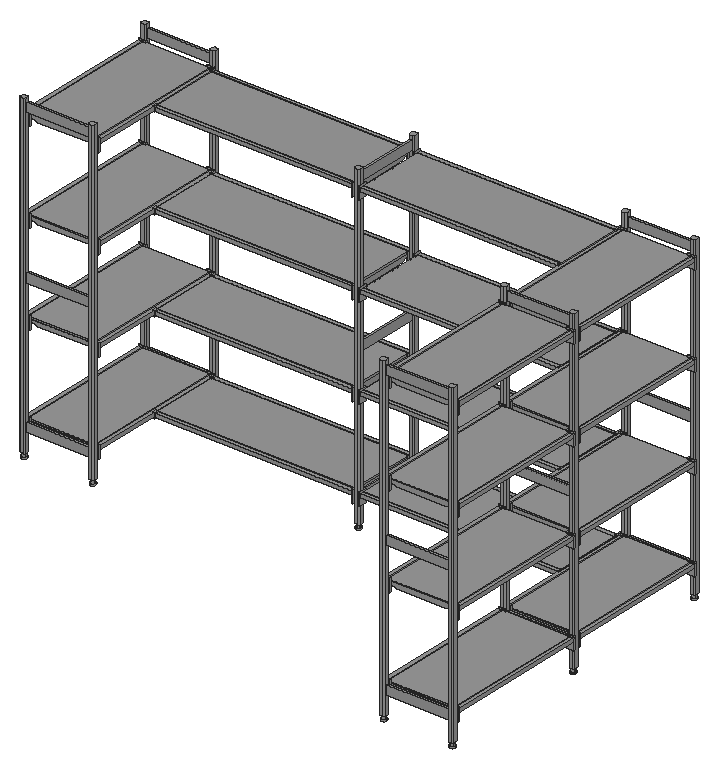
Revit family "QF_ELECTROLUXPROFESSIONAL_137094_CRS1628", category Attrezzature speciali, Revit 2020
Family settings
  Quota connettore circolare = Usa diametro
  Tipo di parte = Normale
  Basato su piano di lavoro = No
  Sempre verticale = Sì
  Taglio con vuoti quando caricato = No
  Condiviso = No
  Punto di calcolo locali = No
Parameters (values of type "Standard")
  Weight = 73.00 kg
  Watts = 0 W
  Volts = 0 V
  URL Manufacturer = "https://www.electroluxprofessional.com/"
  URL = "https://www.electroluxprofessional.com/"
  Steam Supply Size = 0 mm
  Steam Supply Minimum Pressure = 0.0 Pa
  Steam Supply Maximum Pressure = 0.0 Pa
  Steam Consumption per Hour = 0
  Refrigeration Suction Line Size = 0 mm
  Refrigeration Liquid Line Size = 0 mm
  Refrigerant Compressor Remote = yes
  Prospetto di default = 0 mm
  Produttore = "Electrolux Professional"
  Phase = 0
  Modello = "CRS1628"
  Length Actual = 708 mm  # constant formula
  Item Number = "137094"
  Hot Water Size = 0 mm
  Height Actual = 1550 mm  # constant formula
  HP = "0 HP"
  Gas Size = 0 mm
  Gas KW = 0
  Gas Input Pressure = 0 W
  Direct Waste Size = 0 mm
  Descrizione = "ALUM.SHELV.,POLY.TIERS-COLDROOM 163X283"
  Depth Actual = 373 mm  # constant formula
  Cycle = 0 Hz
  Condensate Return Size = 0 mm
  Compressed Air Volume = 0.0 L/s
  Compressed Air Size = 0 mm
  Compressed Air Pressure = 0.0 Pa
  Cold Water Size = 0 mm
  Accessory = yes
Reference planes
  plane 1 "Center (Front/Back)": y = 0
  plane 2: z = 0
  plane 3 "Center (Left/Right)": x = 0
  plane 4: x = -1415
  plane 5: y = 815
  plane 6: y = -815
  plane 7: x = 1415
  plane 8: x = -1369
  plane 9: x = 1369
  plane 10: y = 758
  plane 11: y = -758
Forms (mm)
  Extrusion 1, solid, material "QF_Clearances", detail levels coarse
    sketch origin (0, 0, 0) x (1, 0, 0) y (0, 1, 0)
      loop
        line (-1415, -815) -> (1415, -815) -> (1415, 815) -> (-1415, 815) -> (-1415, -815)
      loop
        line (1369, -758) -> (1369, 758) -> (-1369, 758) -> (-1369, -758) -> (1369, -758)
    from 0 to 1590
Lines and regions (mm)
  symbolic lines, style "QF_Clearances"
    curve 1: line (-1415, 815, 0) -> (-1415, -815, 0)
    curve 2: line (1415, 815, 0) -> (-1415, 815, 0)
    curve 3: line (1415, -815, 0) -> (1415, 815, 0)
  symbolic lines
    curve 4: line (-1413.483, -55, 0) -> (-1415, -55, 0)
Dimensions and locks
  equal spacing: plane 5, plane 1 "Center (Front/Back)", plane 6
  plane 5 to plane 6 = 1630 mm
  equal spacing: plane 4, plane 3 "Center (Left/Right)", plane 7
  plane 4 to plane 7 = 2830 mm
  plane 4 to plane 8 = 46 mm
  plane 8 to plane 9 = 2738 mm
  plane 11 to plane 6 = 57 mm
  plane 10 to plane 11 = 1516 mm
  Extrusion 1 to nested 5 = 57 mm
  nested 1 to nested 5 = 772 mm
  nested 1 to curve 4 = 41 mm
  aligned and locked: level to plane 2
  aligned and locked: plane 4 to Extrusion 1 sketch curve
  aligned and locked: Extrusion 1 sketch curve to plane 5
  aligned and locked: Extrusion 1 sketch curve to plane 7
  aligned and locked: Extrusion 1 sketch curve to plane 8
  aligned and locked: Extrusion 1 sketch curve to plane 10
  aligned and locked: plane 9 to Extrusion 1 sketch curve
  aligned and locked: Extrusion 1 sketch curve to plane 11
  aligned and locked: Extrusion 1 sketch curve to plane 6
Automatic sketch dimensions
  curve 1 to plane 4 = 0 mm
  plane 5 to curve 3 = 0 mm
  curve 3 to plane 7 = 0 mm
  curve 1 to plane 6 = 0 mm
  plane 6 to curve 3 = 0 mm
  curve 4 to curve 4 = 1.517 mm
Nested families
  nested 1: "QF_708" at (-1346, 403, 0) x (0, 1, 0) z (0, 0, 1), type "QF_708"
  nested 2: "QF_708" at (1019, 403, 0) x (0, 1, 0) z (0, 0, 1), type "QF_708"
  nested 3: "QF_708" at (1019, -341, 0) x (0, 1, 0) z (0, 0, 1), type "QF_708"
  nested 4: "QF_974G" at (535.5, 506.5, 0) x (0, -1, 0) z (0, 0, 1), type "QF_974G"
  nested 5: "QF_974G" at (-535.5, 506.5, 0) x (0, -1, 0) z (0, 0, 1), type "QF_974G"
Definition of nested family "QF_708"
  Parameters
    Default Elevation = 0 mm
    Model = "137010"
    Manufacturer = "Electrolux Professional"
    Description = ""
  Reference planes
    plane 1: z = 0
    plane 2 "Center (Left/Right)": x = -31
    plane 3 "LEFT": x = -417
    plane 4 "RIGHT": x = 355
    plane 5 "BACK": y = 23
    plane 6 "FRONT": y = -350
    plane 7 "TOP": z = 1700
    plane 8: x = 350
    plane 9: x = -385
    plane 10: x = 323
    plane 11 "Center (Front/Back)": y = -163.5
    plane 12: x = 318
    plane 13: y = -8.5
    plane 14: y = -318.5
    plane 15 "FEET": z = 25
    plane 16: z = 140
    plane 17: z = 590
    plane 18: z = 1040
    plane 19: z = 1490
    plane 20 "CXLeft": x = -403
    plane 21 "CXRight": x = 341
    plane 22: y = 5.5
    plane 23 "CYBack": y = 5.5
    plane 24 "CYFront": y = -332.5
  Forms (mm)
    Extrusion 1, solid
      sketch origin (-417, 0, 0) x (0, 1, 0) y (0, 0, 1)
        loop
          line (4, 1515.994) -> (4, 1497.998) -> (23, 1497.998) -> (23, 1515.994) -> (4, 1515.994)
        loop
          line (-331, 1515.994) -> (-350, 1515.994) -> (-350, 1497.998) -> (-331, 1497.998) -> (-331, 1515.994)
        loop
          line (4, 1065.994) -> (4, 1047.998) -> (23, 1047.998) -> (23, 1065.994) -> (4, 1065.994)
        loop
          line (-331, 1065.994) -> (-350, 1065.994) -> (-350, 1047.998) -> (-331, 1047.998) -> (-331, 1065.994)
        loop
          line (4, 615.994) -> (4, 597.998) -> (23, 597.998) -> (23, 615.994) -> (4, 615.994)
        loop
          line (-331, 615.994) -> (-350, 615.994) -> (-350, 597.998) -> (-331, 597.998) -> (-331, 615.994)
        loop
          line (4, 165.994) -> (4, 147.998) -> (23, 147.998) -> (23, 165.994) -> (4, 165.994)
        loop
          line (-331, 165.994) -> (-350, 165.994) -> (-350, 147.998) -> (-331, 147.998) -> (-331, 165.994)
      from 32 to 740
    Extrusion 2, solid
      sketch origin (-417, 0, 135) x (0, 1, 0) y (0, 0, 1)
        loop
          line (2.007, 1380.994) -> (-329, 1380.994) -> (-329, 1374.496) -> (2.007, 1374.496) -> (2.007, 1380.994)
        loop
          line (2.007, 930.994) -> (-329, 930.994) -> (-329, 924.496) -> (2.007, 924.496) -> (2.007, 930.994)
        loop
          line (2.007, 480.994) -> (-329, 480.994) -> (-329, 474.496) -> (2.007, 474.496) -> (2.007, 480.994)
        loop
          line (2.007, 30.994) -> (-329, 30.994) -> (-329, 24.496) -> (2.007, 24.496) -> (2.007, 30.994)
      from 32 to 740
    Extrusion 3, solid
      sketch origin (355, 0, 135) x (0, 1, 0) y (0, 0, 1)
        loop
          line (-12, 1362.998) -> (4, 1362.998) -> (4, 1380.994) -> (2.007, 1380.994) -> (2.007, 1374.496) -> (-329, 1374.496) -> (-329, 1380.994) -> (-331, 1380.994) -> (-331, 1362.998) -> (-315, 1362.998) -> (-281, 1350.994) -> (-46, 1350.994) -> (-12, 1362.998)
        loop
          line (-12, 912.998) -> (4, 912.998) -> (4, 930.994) -> (2.007, 930.994) -> (2.007, 924.496) -> (-329, 924.496) -> (-329, 930.994) -> (-331, 930.994) -> (-331, 912.998) -> (-315, 912.998) -> (-281, 900.994) -> (-46, 900.994) -> (-12, 912.998)
        loop
          line (-12, 462.998) -> (4, 462.998) -> (4, 480.994) -> (2.007, 480.994) -> (2.007, 474.496) -> (-329, 474.496) -> (-329, 480.994) -> (-331, 480.994) -> (-331, 462.998) -> (-315, 462.998) -> (-281, 450.994) -> (-46, 450.994) -> (-12, 462.998)
        loop
          line (-12, 12.998) -> (4, 12.998) -> (4, 30.994) -> (2.007, 30.994) -> (2.007, 24.496) -> (-329, 24.496) -> (-329, 30.994) -> (-331, 30.994) -> (-331, 12.998) -> (-315, 12.998) -> (-281, 0.994) -> (-46, 0.994) -> (-12, 12.998)
      from -32 to -37
  Lines and regions (mm)
    symbolic lines
      curve 1: line (323, 4, 1700) -> (-385, 4, 1700)
      curve 2: line (-389, 23, 1700) -> (327, 23, 1700)
      curve 3: line (327, 13.246, 1700) -> (333.254, 19.5, 1700)
      curve 4: line (333.254, -8.5, 1700) -> (327, -2.246, 1700)
      curve 5: line (333.254, -318.5, 1700) -> (327, -324.754, 1700)
      curve 6: line (-389, -350, 1700) -> (327, -350, 1700)
      curve 7: line (327, 23, 1700) -> (327, -12.993, 1700)
      curve 8: line (327, -12.993, 1700) -> (323, -12.993, 1700)
      curve 9: line (327, -350, 1700) -> (327, -314.007, 1700)
      curve 10: line (327, -314.007, 1700) -> (323, -314.007, 1700)
      curve 11: line (-385, -12.993, 1700) -> (-385, -314.007, 1700)
      curve 12: line (-385, -331, 1700) -> (323, -331, 1700)
      curve 13: line (323, -12.993, 1700) -> (323, -314.007, 1700)
  Dimensions and locks
    locked: plane 3 "LEFT" to plane 4 "RIGHT" at 772
    equal spacing: plane 3 "LEFT", plane 2 "Center (Left/Right)", plane 4 "RIGHT"
    locked: plane 7 "TOP" to level at 1700
    locked: plane 5 "BACK" to plane 6 "FRONT" at 373
    locked: plane 4 "RIGHT" to plane 8 at 5
    locked: plane 9 to plane 10 at 708
    locked: plane 3 "LEFT" to plane 9 at 32
    plane 12 to plane 10 = 5 mm
    locked: plane 13 to plane 14 at 310
    equal spacing: plane 13, plane 11 "Center (Front/Back)", plane 14
    equal spacing: plane 5 "BACK", plane 11 "Center (Front/Back)", plane 6 "FRONT"
    plane 15 "FEET" to level = 25 mm
    plane 7 "TOP" to plane 15 "FEET" = 1675 mm
    plane 17 to plane 16 = 450 mm
    plane 18 to plane 17 = 450 mm
    plane 19 to plane 18 = 450 mm
    locked: plane 3 "LEFT" to plane 20 "CXLeft" at 14
    locked: plane 21 "CXRight" to plane 4 "RIGHT" at 14
    locked: plane 5 "BACK" to plane 23 "CYBack" at 17.5
    locked: plane 24 "CYFront" to plane 6 "FRONT" at 17.5
    plane 16 to level = 140 mm
    plane 17 to level = 590 mm
    plane 18 to level = 1040 mm
    plane 19 to level = 1490 mm
    aligned and locked: level to plane 1
    aligned and locked: plane 9 to Extrusion 2
    aligned and locked: Extrusion 2 to plane 10
    aligned and locked: plane 9 to Extrusion 1
    aligned and locked: Extrusion 1 to plane 10
    aligned and locked: Extrusion 1 sketch curve to Extrusion 1 sketch curve  (x2)
    aligned and locked: Extrusion 3 sketch curve to Extrusion 3 sketch curve  (x3)
    aligned and locked: Extrusion 3 to plane 12
    aligned and locked: Extrusion 3 to plane 10
    aligned and locked: plane 20 "CXLeft" to nested 1
    aligned and locked: plane 21 "CXRight" to nested 2
  Automatic sketch dimensions
    Extrusion 1 sketch curve to plane 6 "FRONT" = 0 mm  (x4)
    Extrusion 1 sketch curve to plane 5 "BACK" = 0 mm  (x4)
    plane 24 "CYFront" to Extrusion 1 sketch curve = 1.5 mm  (x2)
    plane 22 to Extrusion 1 sketch curve = 1.5 mm  (x4)
    plane 16 to Extrusion 1 sketch curve = 7.998 mm  (x2)
    Extrusion 1 sketch curve to Extrusion 1 sketch curve = 17.997 mm  (x8)
    plane 17 to Extrusion 1 sketch curve = 7.998 mm  (x2)
    plane 18 to Extrusion 1 sketch curve = 7.998 mm  (x2)
    plane 19 to Extrusion 1 sketch curve = 7.998 mm  (x2)
    plane 24 "CYFront" to Extrusion 2 sketch curve = 3.5 mm  (x4)
    plane 22 to Extrusion 2 sketch curve = 3.493 mm  (x4)
    plane 16 to Extrusion 2 sketch curve = 19.496 mm
    Extrusion 2 sketch curve to Extrusion 2 sketch curve = 6.499 mm  (x4)
    plane 17 to Extrusion 2 sketch curve = 19.496 mm
    plane 18 to Extrusion 2 sketch curve = 19.496 mm
    plane 19 to Extrusion 2 sketch curve = 19.496 mm
    plane 24 "CYFront" to Extrusion 3 sketch curve = 1.5 mm  (x4)
    Extrusion 3 sketch curve to Extrusion 3 sketch curve = 2 mm
    plane 14 to Extrusion 3 sketch curve = 3.5 mm  (x4)
    Extrusion 3 sketch curve to plane 16 = 4.006 mm
    Extrusion 3 sketch curve to Extrusion 3 sketch curve = 34 mm  (x4)
    Extrusion 3 sketch curve to plane 17 = 4.006 mm
    Extrusion 3 sketch curve to plane 18 = 4.006 mm
    Extrusion 3 sketch curve to plane 19 = 4.006 mm
    Extrusion 3 sketch curve to plane 13 = 37.5 mm  (x4)
    Extrusion 3 sketch curve to plane 13 = 3.5 mm  (x4)
    plane 22 to Extrusion 3 sketch curve = 3.493 mm  (x4)
    plane 22 to Extrusion 3 sketch curve = 1.5 mm  (x4)
    plane 16 to Extrusion 3 sketch curve = 7.998 mm  (x2)
    Extrusion 3 sketch curve to Extrusion 3 sketch curve = 11.498 mm  (x4)
    Extrusion 3 sketch curve to Extrusion 3 sketch curve = 6.499 mm  (x8)
    plane 17 to Extrusion 3 sketch curve = 7.998 mm  (x2)
    plane 18 to Extrusion 3 sketch curve = 7.998 mm  (x2)
    plane 19 to Extrusion 3 sketch curve = 7.998 mm  (x2)
    curve 6 to plane 6 "FRONT" = 0 mm
    curve 12 to plane 9 = 0 mm
    curve 12 to plane 10 = 0 mm
    curve 5 to plane 14 = 0 mm
    curve 11 to plane 9 = 0 mm
    curve 8 to plane 10 = 0 mm
    curve 4 to plane 13 = 0 mm
    curve 1 to plane 9 = 0 mm
    curve 1 to plane 10 = 0 mm
    curve 2 to plane 5 "BACK" = 0 mm
    plane 14 to curve 10 = 4.493 mm
    curve 7 to plane 13 = 4.493 mm
    curve 10 to plane 10 = 4 mm
    curve 7 to plane 10 = 4 mm
    plane 24 "CYFront" to curve 12 = 1.5 mm
    curve 5 to plane 14 = 6.254 mm
    plane 14 to curve 11 = 4.493 mm
    curve 11 to plane 13 = 4.493 mm
    plane 13 to curve 4 = 6.254 mm
    plane 22 to curve 1 = 1.5 mm
    curve 3 to plane 22 = 7.746 mm
    curve 3 to plane 5 "BACK" = 3.5 mm
    curve 5 to curve 9 = 6.254 mm
    curve 3 to curve 2 = 6.254 mm
    curve 4 to curve 7 = 6.254 mm
    plane 9 to curve 2 = 4 mm
    plane 9 to curve 6 = 4 mm
  Nested families
    nested 1: "WT_Anta373B" at (0, 0, 0), type "WT_Anta373B"
    nested 2: "WT_Anta373B" at (-62, 0, 0) x (-1, 0, 0) z (0, 0, 1), type "WT_Anta373B"
  Definition of nested family "WT_Anta373B"
    Parameters
      WidthLeft = A + 64 mm  # 772 mm
      Width = 1606 mm
      Right = WidthLeft / 2  # 386 mm
      Default Elevation = 0 mm
      Left = -WidthLeft / 2  # -386 mm
      Height = 1590 mm
      FEET = 25 mm
      E = 0 mm
      Dint = Depth - 63 mm  # 310 mm
      Dext = Depth - 8 mm  # 365 mm
      Depth = 373 mm
      DX = (WidthLeft - A) / 2  # 32 mm
      B = 798 mm
      A = 708 mm
    Reference planes
      plane 1: z = 0
      plane 2 "LEFT": x = -417
      plane 3 "BACK": y = 23
      plane 4 "FRONT": y = -350
      plane 5 "TOP": z = 1590
      plane 6 "Center (Front/Back)": y = -163.5
      plane 7: y = -8.5
      plane 8: y = -318.5
      plane 9 "FEET": z = 25
      plane 10: z = 140
      plane 11: z = 590
      plane 12: z = 1040
      plane 13: z = 1490
      plane 14 "CXLeft": x = -403
      plane 15: y = 5.5
      plane 16 "CYBack": y = 5.5
      plane 17 "CYFront": y = -332.5
      plane 18: x = -385.031
      plane 19: x = -380.031
    Forms (mm)
      Extrusion 1, solid
        sketch origin (0, 0, 0) x (1, 0, 0) y (0, 1, 0)
          loop
            line (-417, 13.246) -> (-417, -2.246) -> (-410.746, -8.5) -> (-395.254, -8.5) -> (-389, -2.246) -> (-389, 13.246) -> (-395.254, 19.5) -> (-410.746, 19.5) -> (-417, 13.246)
        from 1590 to 25
      Extrusion 2, solid
        sketch origin (-417, 0, 0) x (0, 1, 0) y (0, 0, 1)
          loop
            line (23, 111.005) -> (23, 172.993) -> (-12.993, 172.993) -> (-12.993, 111.005) -> (23, 111.005)
          loop
            line (-350, 111.005) -> (-314.007, 111.005) -> (-314.007, 172.993) -> (-350, 172.993) -> (-350, 111.005)
          loop
            line (23, 561.005) -> (23, 622.993) -> (-12.993, 622.993) -> (-12.993, 561.005) -> (23, 561.005)
          loop
            line (-350, 561.005) -> (-314.007, 561.005) -> (-314.007, 622.993) -> (-350, 622.993) -> (-350, 561.005)
          loop
            line (23, 1011.005) -> (23, 1072.993) -> (-12.993, 1072.993) -> (-12.993, 1011.005) -> (23, 1011.005)
          loop
            line (-350, 1011.005) -> (-314.007, 1011.005) -> (-314.007, 1072.993) -> (-350, 1072.993) -> (-350, 1011.005)
          loop
            line (23, 1461.005) -> (23, 1522.993) -> (-12.993, 1522.993) -> (-12.993, 1461.005) -> (23, 1461.005)
          loop
            line (-350, 1461.005) -> (-314.007, 1461.005) -> (-314.007, 1522.993) -> (-350, 1522.993) -> (-350, 1461.005)
        from 28 to 32
      Revolve 3, solid
        sketch origin (-403, 0, 0) x (0, 1, 0) y (0, 0, 1)
          loop
            line (5.5, 25) -> (5.5, 0) -> (19, 0) -> (19, 5) -> (14, 5) -> (14, 25) -> (5.5, 25)
          axis (5.5, 25) -> (5.5, 0)
        angle from 0 to 360
      Extrusion 4, solid
        sketch origin (-403, 0, 0) x (0, 1, 0) y (0, 0, 1)
          loop
            line (-8.5, 777.382) -> (-8.5, 822.374) -> (-318.5, 822.374) -> (-318.5, 777.382) -> (-8.5, 777.382)
          loop
            line (-8.5, 1527.244) -> (-8.5, 1572.236) -> (-318.5, 1572.236) -> (-318.5, 1527.244) -> (-8.5, 1527.244)
        from -5 to 5
      Revolve 5, solid
        sketch origin (-403, -627, 0) x (0, -1, 0) y (0, 0, 1)
          loop
            line (-294.5, 25) -> (-294.5, 0) -> (-281, 0) -> (-281, 5) -> (-286, 5) -> (-286, 25) -> (-294.5, 25)
          axis (-294.5, 25) -> (-294.5, 0)
        angle from 0 to 360
      Extrusion 6, solid
        sketch origin (0, -627, 0) x (1, 0, 0) y (0, 1, 0)
          loop
            line (-417, 286.754) -> (-410.746, 280.5) -> (-395.254, 280.5) -> (-389, 286.754) -> (-389, 302.246) -> (-395.254, 308.5) -> (-410.746, 308.5) -> (-417, 302.246) -> (-417, 286.754)
        from 1590 to 25
      Extrusion 7, solid
        sketch origin (-417.031, -0.022, 0) x (0, 1, 0) y (0, 0, -1)
          loop
            line (-12, -1497.998) -> (-46, -1485.994) -> (-281, -1485.994) -> (-315, -1497.998) -> (-331, -1497.998) -> (-331, -1515.994) -> (-329, -1515.994) -> (-329, -1509.496) -> (2.007, -1509.496) -> (2.007, -1515.994) -> (4, -1515.994) -> (4, -1497.998) -> (-12, -1497.998)
          loop
            line (-12, -1047.998) -> (-46, -1035.994) -> (-281, -1035.994) -> (-315, -1047.998) -> (-331, -1047.998) -> (-331, -1065.994) -> (-329, -1065.994) -> (-329, -1059.496) -> (2.007, -1059.496) -> (2.007, -1065.994) -> (4, -1065.994) -> (4, -1047.998) -> (-12, -1047.998)
          loop
            line (-12, -597.998) -> (-46, -585.994) -> (-281, -585.994) -> (-315, -597.998) -> (-331, -597.998) -> (-331, -615.994) -> (-329, -615.994) -> (-329, -609.496) -> (2.007, -609.496) -> (2.007, -615.994) -> (4, -615.994) -> (4, -597.998) -> (-12, -597.998)
          loop
            line (-12, -147.998) -> (-46, -135.994) -> (-281, -135.994) -> (-315, -147.998) -> (-331, -147.998) -> (-331, -165.994) -> (-329, -165.994) -> (-329, -159.496) -> (2.007, -159.496) -> (2.007, -165.994) -> (4, -165.994) -> (4, -147.998) -> (-12, -147.998)
        from -32 to -37
      Extrusion 8, solid
        sketch origin (-403, 0, -659.878) x (0, 1, 0) y (0, 0, 1)
          loop
            line (-8.5, 777.382) -> (-8.5, 822.374) -> (-318.5, 822.374) -> (-318.5, 777.382) -> (-8.5, 777.382)
          loop
            line (-8.5, 1437.382) -> (-8.5, 1482.374) -> (-318.5, 1482.374) -> (-318.5, 1437.382) -> (-8.5, 1437.382)
          loop
            line (-8.5, 2187.382) -> (-8.5, 2232.374) -> (-318.5, 2232.374) -> (-318.5, 2187.382) -> (-8.5, 2187.382)
        from -5 to 5
    Lines and regions (mm)
      symbolic lines
        curve 1: line (-408, -8.5, 1590) -> (-408, -318.5, 1590)
        curve 2: line (-398, -318.5, 1590) -> (-398, -8.5, 1590)
        curve 3: line (-395.254, -8.5, 1590) -> (-410.746, -8.5, 1590)
        curve 4: line (-417, -2.246, 1590) -> (-410.746, -8.5, 1590)
        curve 5: line (-417, 13.246, 1590) -> (-417, -2.246, 1590)
        curve 6: line (-410.746, 19.5, 1590) -> (-417, 13.246, 1590)
        curve 7: line (-395.254, 19.5, 1590) -> (-410.746, 19.5, 1590)
        curve 8: line (-389, 13.246, 1590) -> (-395.254, 19.5, 1590)
        curve 9: line (-395.254, -8.5, 1590) -> (-389, -2.246, 1590)
        curve 10: line (-395.254, -318.5, 1590) -> (-410.746, -318.5, 1590)
        curve 11: line (-417, -324.754, 1590) -> (-410.746, -318.5, 1590)
        curve 12: line (-410.746, -346.5, 1590) -> (-417, -340.246, 1590)
        curve 13: line (-395.254, -346.5, 1590) -> (-410.746, -346.5, 1590)
        curve 14: line (-389, -340.246, 1590) -> (-395.254, -346.5, 1590)
        curve 15: line (-395.254, -318.5, 1590) -> (-389, -324.754, 1590)
        curve 16: line (-389, -350, 1590) -> (-389, -314.007, 1590)
        curve 17: line (-389, -314.007, 1590) -> (-385, -314.007, 1590)
        curve 18: line (-389, 23, 1590) -> (-389, -12.993, 1590)
        curve 19: line (-389, -12.993, 1590) -> (-385, -12.993, 1590)
        curve 20: line (-417, -324.754, 1590) -> (-417, -340.246, 1590)
        curve 21: line (-385, -350, 1590) -> (-385, -314.007, 1590)
        curve 22: line (-385, -350, 1590) -> (-389, -350, 1590)
        curve 23: line (-385, 23, 1590) -> (-389, 23, 1590)
        curve 24: line (-385, -12.993, 1590) -> (-385, 23, 1590)
        curve 25: line (-385.031, -13.016, 1725) -> (-385.031, -314.029, 1725)
    Dimensions and locks
      "Depth": plane 3 "BACK" to plane 4 "FRONT"
      "Dint": plane 7 to plane 8
      equal spacing: plane 7, plane 6 "Center (Front/Back)", plane 8
      equal spacing: plane 3 "BACK", plane 6 "Center (Front/Back)", plane 4 "FRONT"
      plane 9 "FEET" to level = 25 mm
      plane 10 to plane 9 "FEET" = 115 mm
      plane 11 to plane 10 = 450 mm
      plane 12 to plane 11 = 450 mm
      plane 13 to plane 12 = 450 mm
      locked: plane 2 "LEFT" to plane 14 "CXLeft" at 14
      locked: plane 3 "BACK" to plane 16 "CYBack" at 17.5
      locked: plane 17 "CYFront" to plane 4 "FRONT" at 17.5
      locked: Revolve 3 sketch curve to Revolve 3 sketch curve at 8.5
      locked: Revolve 3 sketch curve to plane 16 "CYBack" at 13.5
      locked: Revolve 5 sketch curve to Revolve 5 sketch curve at 8.5
      plane 10 to level = 140 mm
      plane 11 to level = 590 mm
      plane 12 to level = 1040 mm
      plane 13 to level = 1490 mm
      "Height": plane 5 "TOP" to level
      aligned and locked: level to plane 1
      aligned and locked: curve 20 to Extrusion 6
      aligned and locked: plane 5 "TOP" to Extrusion 1
      aligned and locked: plane 5 "TOP" to Extrusion 6
      aligned and locked: Extrusion 7 sketch curve to Extrusion 7 sketch curve  (x3)
    Automatic sketch dimensions
      curve 16 to plane 4 "FRONT" = 0 mm
      curve 11 to plane 8 = 0 mm
      curve 9 to plane 7 = 0 mm
      curve 5 to plane 2 "LEFT" = 0 mm
      curve 23 to plane 3 "BACK" = 0 mm
      plane 4 "FRONT" to curve 13 = 3.5 mm
      curve 20 to plane 17 "CYFront" = 7.746 mm
      curve 20 to plane 8 = 6.254 mm
      plane 8 to curve 16 = 4.493 mm
      curve 24 to plane 18 = 0.031 mm
      curve 24 to plane 7 = 4.493 mm
      plane 7 to curve 5 = 6.254 mm
      curve 5 to plane 15 = 7.746 mm
      curve 6 to plane 3 "BACK" = 3.5 mm
      curve 21 to plane 18 = 0.031 mm
      plane 18 to curve 23 = 3.969 mm
      plane 18 to curve 16 = 3.969 mm
      curve 18 to curve 8 = 6.254 mm
      curve 18 to curve 3 = 6.254 mm
      curve 16 to curve 13 = 6.254 mm
      curve 16 to curve 15 = 6.254 mm
      plane 2 "LEFT" to curve 10 = 6.254 mm
      plane 2 "LEFT" to curve 7 = 6.254 mm
      plane 2 "LEFT" to curve 12 = 6.254 mm
      plane 2 "LEFT" to curve 3 = 6.254 mm
      curve 14 to plane 17 "CYFront" = 7.746 mm
      curve 15 to plane 8 = 6.254 mm
      plane 7 to curve 9 = 6.254 mm
      curve 8 to plane 15 = 7.746 mm
      curve 3 to curve 2 = 2.746 mm
      curve 1 to curve 10 = 2.746 mm
      Extrusion 1 sketch curve to plane 2 "LEFT" = 0 mm
      Extrusion 1 sketch curve to plane 7 = 0 mm
      plane 2 "LEFT" to Extrusion 1 sketch curve = 6.254 mm  (x2)
      plane 14 "CXLeft" to Extrusion 1 sketch curve = 7.746 mm  (x2)
      Extrusion 1 sketch curve to plane 3 "BACK" = 3.5 mm
      plane 18 to Extrusion 1 sketch curve = 3.969 mm
      plane 7 to Extrusion 1 sketch curve = 6.254 mm  (x2)
      Extrusion 1 sketch curve to plane 15 = 7.746 mm  (x2)
      Extrusion 2 sketch curve to plane 4 "FRONT" = 0 mm  (x4)
      Extrusion 2 sketch curve to plane 3 "BACK" = 0 mm  (x4)
      plane 8 to Extrusion 2 sketch curve = 4.493 mm  (x4)
      Extrusion 2 sketch curve to plane 7 = 4.493 mm  (x4)
      Extrusion 2 sketch curve to plane 10 = 28.995 mm  (x2)
      plane 10 to Extrusion 2 sketch curve = 32.993 mm  (x2)
      Extrusion 2 sketch curve to plane 11 = 28.995 mm  (x2)
      plane 11 to Extrusion 2 sketch curve = 32.993 mm  (x2)
      Extrusion 2 sketch curve to plane 12 = 28.995 mm  (x2)
      plane 12 to Extrusion 2 sketch curve = 32.993 mm  (x2)
      Extrusion 2 sketch curve to plane 13 = 28.995 mm  (x2)
      plane 13 to Extrusion 2 sketch curve = 32.993 mm  (x2)
      Revolve 3 sketch curve to plane 9 "FEET" = 0 mm  (x2)
      Revolve 3 sketch curve to plane 15 = 0 mm  (x2)
      Revolve 3 sketch curve to level = 0 mm
      level to Revolve 3 sketch curve = 5 mm
      Revolve 3 sketch curve to Revolve 3 sketch curve = 11.655 mm
      Extrusion 4 sketch curve to plane 8 = 0 mm  (x2)
      Extrusion 4 sketch curve to plane 7 = 0 mm  (x2)
      plane 11 to Extrusion 4 sketch curve = 187.382 mm
      Extrusion 4 sketch curve to Extrusion 4 sketch curve = 44.992 mm
      plane 13 to Extrusion 4 sketch curve = 37.244 mm
      Extrusion 4 sketch curve to plane 5 "TOP" = 17.764 mm
      Revolve 5 sketch curve to plane 9 "FEET" = 0 mm  (x2)
      Revolve 5 sketch curve to plane 17 "CYFront" = 0 mm  (x2)
      Revolve 5 sketch curve to level = 0 mm
      Revolve 5 sketch curve to plane 4 "FRONT" = 4 mm
      Revolve 5 sketch curve to Revolve 5 sketch curve = 5 mm
      level to Revolve 5 sketch curve = 11.655 mm
      Extrusion 6 sketch curve to plane 2 "LEFT" = 0 mm
      Extrusion 6 sketch curve to plane 8 = 0 mm
      Extrusion 6 sketch curve to plane 2 "LEFT" = 6.254 mm  (x2)
      Extrusion 6 sketch curve to plane 14 "CXLeft" = 7.746 mm  (x2)
      Extrusion 6 sketch curve to plane 4 "FRONT" = 3.5 mm
      Extrusion 6 sketch curve to plane 18 = 3.969 mm
      plane 8 to Extrusion 6 sketch curve = 6.254 mm  (x2)
      plane 17 "CYFront" to Extrusion 6 sketch curve = 7.746 mm  (x2)
      plane 17 "CYFront" to Extrusion 7 sketch curve = 1.478 mm  (x4)
      Extrusion 7 sketch curve to Extrusion 7 sketch curve = 2 mm
      plane 8 to Extrusion 7 sketch curve = 3.478 mm  (x4)
      Extrusion 7 sketch curve to plane 10 = 4.006 mm
      Extrusion 7 sketch curve to Extrusion 7 sketch curve = 34 mm  (x4)
      Extrusion 7 sketch curve to plane 11 = 4.006 mm
      Extrusion 7 sketch curve to plane 12 = 4.006 mm
      Extrusion 7 sketch curve to plane 13 = 4.006 mm
      Extrusion 7 sketch curve to plane 7 = 37.522 mm  (x4)
      Extrusion 7 sketch curve to plane 7 = 3.522 mm  (x4)
      plane 15 to Extrusion 7 sketch curve = 3.516 mm  (x4)
      plane 15 to Extrusion 7 sketch curve = 1.522 mm  (x4)
      plane 13 to Extrusion 7 sketch curve = 7.998 mm  (x2)
      Extrusion 7 sketch curve to Extrusion 7 sketch curve = 11.498 mm
      Extrusion 7 sketch curve to Extrusion 7 sketch curve = 6.499 mm  (x5)
      plane 12 to Extrusion 7 sketch curve = 25.994 mm  (x2)
      plane 12 to Extrusion 7 sketch curve = 7.998 mm  (x2)
      plane 11 to Extrusion 7 sketch curve = 25.994 mm  (x2)
      plane 11 to Extrusion 7 sketch curve = 7.998 mm  (x2)
      plane 10 to Extrusion 7 sketch curve = 25.994 mm  (x2)
      plane 10 to Extrusion 7 sketch curve = 7.998 mm  (x2)
      curve 25 to plane 18 = 0 mm
      plane 8 to curve 25 = 4.471 mm
      curve 25 to plane 7 = 4.516 mm
      Extrusion 8 sketch curve to plane 8 = 0 mm  (x3)
      Extrusion 8 sketch curve to plane 7 = 0 mm  (x3)
      Extrusion 8 sketch curve to plane 10 = 22.496 mm
      plane 10 to Extrusion 8 sketch curve = 22.496 mm
      plane 11 to Extrusion 8 sketch curve = 187.504 mm
      Extrusion 8 sketch curve to Extrusion 8 sketch curve = 44.992 mm
      plane 13 to Extrusion 8 sketch curve = 37.504 mm
      Extrusion 8 sketch curve to plane 5 "TOP" = 17.504 mm
Definition of nested family "QF_974G"
  Parameters
    Default Elevation = 0 mm
    Model = "137033"
    Manufacturer = "Electrolux Professional"
    Description = ""
  Reference planes
    plane 1: z = 0
    plane 2 "Center (F/B)": y = -163.5
    plane 3 "Front": y = -549.5
    plane 4 "Left": x = -217.5
    plane 5 "Right": x = 155.5
    plane 6 "TOP": z = 1700
    plane 7: y = -513
    plane 8: y = 461
    plane 9 "Center (Left/Right)": x = -31
    plane 10: y = 456
    plane 11: x = -186
    plane 12: x = 124
    plane 13 "FEET": z = 25
    plane 14: z = 140
    plane 15: z = 590
    plane 16: z = 1040
    plane 17: z = 1490
    plane 18 "CXLeft": y = -535.5
    plane 19: x = -200
    plane 20 "CYBack": x = -200
    plane 21 "CYFront": x = 138
    plane 22 "Back": y = 469.5
    plane 23 "LEFT_ORIGIN": x = -251.5
    plane 24 "BACK_Origin": y = 842.5
  Forms (mm)
    Extrusion 1, solid
      sketch origin (0, -549.5, 0) x (-1, 0, 0) y (0, 0, 1)
        loop
          line (198.5, 1515.994) -> (198.5, 1497.998) -> (217.5, 1497.998) -> (217.5, 1515.994) -> (198.5, 1515.994)
        loop
          line (-136.5, 1515.994) -> (-155.5, 1515.994) -> (-155.5, 1497.998) -> (-136.5, 1497.998) -> (-136.5, 1515.994)
        loop
          line (198.5, 1065.994) -> (198.5, 1047.998) -> (217.5, 1047.998) -> (217.5, 1065.994) -> (198.5, 1065.994)
        loop
          line (-136.5, 1065.994) -> (-155.5, 1065.994) -> (-155.5, 1047.998) -> (-136.5, 1047.998) -> (-136.5, 1065.994)
        loop
          line (198.5, 615.994) -> (198.5, 597.998) -> (217.5, 597.998) -> (217.5, 615.994) -> (198.5, 615.994)
        loop
          line (-136.5, 615.994) -> (-155.5, 615.994) -> (-155.5, 597.998) -> (-136.5, 597.998) -> (-136.5, 615.994)
        loop
          line (198.5, 165.994) -> (198.5, 147.998) -> (217.5, 147.998) -> (217.5, 165.994) -> (198.5, 165.994)
        loop
          line (-136.5, 165.994) -> (-155.5, 165.994) -> (-155.5, 147.998) -> (-136.5, 147.998) -> (-136.5, 165.994)
      from 36.5 to 1010.5
    Extrusion 2, solid
      sketch origin (0, -549.5, 0) x (-1, 0, 0) y (0, 0, 1)
        loop
          line (196.507, 1515.994) -> (-134.5, 1515.994) -> (-134.5, 1509.496) -> (196.507, 1509.496) -> (196.507, 1515.994)
        loop
          line (196.507, 1065.994) -> (-134.5, 1065.994) -> (-134.5, 1059.496) -> (196.507, 1059.496) -> (196.507, 1065.994)
        loop
          line (196.507, 615.994) -> (-134.5, 615.994) -> (-134.5, 609.496) -> (196.507, 609.496) -> (196.507, 615.994)
        loop
          line (196.507, 165.994) -> (-134.5, 165.994) -> (-134.5, 159.496) -> (196.507, 159.496) -> (196.507, 165.994)
      from 36.5 to 1010.5
  Lines and regions (mm)
    symbolic lines
      curve 1: line (-198.5, 461, 1700) -> (-198.5, -513, 1700)
      curve 2: line (-217.5, -517, 1700) -> (-217.5, 461, 1700)
      curve 3: line (155.5, -517, 1700) -> (155.5, 461, 1700)
      curve 4: line (-181.507, -513, 1700) -> (119.507, -513, 1700)
      curve 5: line (136.5, -513, 1700) -> (136.5, 461, 1700)
      curve 6: line (-198.5, 461, 1700) -> (136.5, 461, 1700)
  Dimensions and locks
    plane 3 "Front" to plane 2 "Center (F/B)" = 386 mm
    locked: plane 4 "Left" to plane 5 "Right" at 373
    locked: plane 7 to plane 8 at 974
    locked: plane 3 "Front" to plane 7 at 36.5
    plane 10 to plane 8 = 5 mm
    locked: plane 11 to plane 12 at 310
    equal spacing: plane 11, plane 9 "Center (Left/Right)", plane 12
    equal spacing: plane 4 "Left", plane 9 "Center (Left/Right)", plane 5 "Right"
    locked: plane 3 "Front" to plane 18 "CXLeft" at 14
    locked: plane 3 "Front" to plane 22 "Back" at 1019
    plane 23 "LEFT_ORIGIN" to plane 5 "Right" = 407 mm
    locked: plane 22 "Back" to plane 24 "BACK_Origin" at 373
    plane 14 to level = 140 mm
    plane 15 to level = 590 mm
    plane 16 to level = 1040 mm
    locked: plane 6 "TOP" to level at 1700
    plane 17 to level = 1490 mm
    plane 13 "FEET" to level = 25 mm
    aligned and locked: level to plane 1
    aligned and locked: Extrusion 2 to plane 7
    aligned and locked: plane 8 to Extrusion 2
    aligned and locked: Extrusion 1 to plane 7
    aligned and locked: plane 8 to Extrusion 1
    aligned and locked: Extrusion 1 sketch curve to Extrusion 1 sketch curve  (x2)
    aligned and locked: nested 1 to plane 18 "CXLeft"
    aligned and locked: nested 2 to plane 10
  Automatic sketch dimensions
    curve 2 to plane 4 "Left" = 0 mm
    curve 3 to plane 5 "Right" = 0 mm
    plane 7 to curve 1 = 0 mm
    plane 7 to curve 4 = 0 mm
    plane 7 to curve 5 = 0 mm
    plane 8 to curve 2 = 0 mm
    plane 8 to curve 1 = 0 mm
    plane 8 to curve 3 = 0 mm
    plane 21 "CYFront" to curve 5 = 1.5 mm
    plane 19 to curve 6 = 1.5 mm
    plane 7 to curve 3 = 4 mm
    plane 7 to curve 2 = 4 mm
    plane 12 to curve 4 = 4.493 mm
    curve 4 to plane 11 = 4.493 mm
    plane 5 "Right" to Extrusion 1 sketch curve = 0 mm  (x4)
    plane 4 "Left" to Extrusion 1 sketch curve = 0 mm  (x4)
    plane 21 "CYFront" to Extrusion 1 sketch curve = 1.5 mm  (x2)
    plane 19 to Extrusion 1 sketch curve = 1.5 mm  (x4)
    plane 14 to Extrusion 1 sketch curve = 7.998 mm  (x2)
    Extrusion 1 sketch curve to Extrusion 1 sketch curve = 17.997 mm  (x8)
    plane 15 to Extrusion 1 sketch curve = 7.998 mm  (x2)
    plane 16 to Extrusion 1 sketch curve = 7.998 mm  (x2)
    plane 17 to Extrusion 1 sketch curve = 7.998 mm  (x2)
    plane 21 "CYFront" to Extrusion 2 sketch curve = 3.5 mm  (x4)
    plane 19 to Extrusion 2 sketch curve = 3.493 mm  (x4)
    plane 14 to Extrusion 2 sketch curve = 19.496 mm
    Extrusion 2 sketch curve to Extrusion 2 sketch curve = 6.499 mm  (x4)
    plane 15 to Extrusion 2 sketch curve = 19.496 mm
    plane 16 to Extrusion 2 sketch curve = 19.496 mm
    plane 17 to Extrusion 2 sketch curve = 19.496 mm
  Nested families
    nested 1: "WT_Anta373B" at (-194.5, -132.5, 0) x (0, 1, 0) z (0, 0, 1), type "WT_Anta373B"
    nested 2: "WT_Aggancio373B" at (-194.5, 873, 0) x (0, 1, 0) z (0, 0, 1), type "WT_Aggancio373B"
  Definition of nested family "WT_Anta373B"
    Parameters
      WidthLeft = A + 64 mm  # 772 mm
      Width = 1606 mm
      Right = WidthLeft / 2  # 386 mm
      Default Elevation = 0 mm
      Left = -WidthLeft / 2  # -386 mm
      Height = 1590 mm
      FEET = 25 mm
      E = 0 mm
      Dint = Depth - 63 mm  # 310 mm
      Dext = Depth - 8 mm  # 365 mm
      Depth = 373 mm
      DX = (WidthLeft - A) / 2  # 32 mm
      B = 798 mm
      A = 708 mm
    Reference planes
      plane 1: z = 0
      plane 2 "LEFT": x = -417
      plane 3 "BACK": y = 23
      plane 4 "FRONT": y = -350
      plane 5 "TOP": z = 1590
      plane 6 "Center (Front/Back)": y = -163.5
      plane 7: y = -8.5
      plane 8: y = -318.5
      plane 9 "FEET": z = 25
      plane 10: z = 140
      plane 11: z = 590
      plane 12: z = 1040
      plane 13: z = 1490
      plane 14 "CXLeft": x = -403
      plane 15: y = 5.5
      plane 16 "CYBack": y = 5.5
      plane 17 "CYFront": y = -332.5
      plane 18: x = -385.031
      plane 19: x = -380.031
    Forms (mm)
      Extrusion 1, solid
        sketch origin (0, 0, 0) x (1, 0, 0) y (0, 1, 0)
          loop
            line (-417, 13.246) -> (-417, -2.246) -> (-410.746, -8.5) -> (-395.254, -8.5) -> (-389, -2.246) -> (-389, 13.246) -> (-395.254, 19.5) -> (-410.746, 19.5) -> (-417, 13.246)
        from 1590 to 25
      Extrusion 2, solid
        sketch origin (-417, 0, 0) x (0, 1, 0) y (0, 0, 1)
          loop
            line (23, 111.005) -> (23, 172.993) -> (-12.993, 172.993) -> (-12.993, 111.005) -> (23, 111.005)
          loop
            line (-350, 111.005) -> (-314.007, 111.005) -> (-314.007, 172.993) -> (-350, 172.993) -> (-350, 111.005)
          loop
            line (23, 561.005) -> (23, 622.993) -> (-12.993, 622.993) -> (-12.993, 561.005) -> (23, 561.005)
          loop
            line (-350, 561.005) -> (-314.007, 561.005) -> (-314.007, 622.993) -> (-350, 622.993) -> (-350, 561.005)
          loop
            line (23, 1011.005) -> (23, 1072.993) -> (-12.993, 1072.993) -> (-12.993, 1011.005) -> (23, 1011.005)
          loop
            line (-350, 1011.005) -> (-314.007, 1011.005) -> (-314.007, 1072.993) -> (-350, 1072.993) -> (-350, 1011.005)
          loop
            line (23, 1461.005) -> (23, 1522.993) -> (-12.993, 1522.993) -> (-12.993, 1461.005) -> (23, 1461.005)
          loop
            line (-350, 1461.005) -> (-314.007, 1461.005) -> (-314.007, 1522.993) -> (-350, 1522.993) -> (-350, 1461.005)
        from 28 to 32
      Revolve 3, solid
        sketch origin (-403, 0, 0) x (0, 1, 0) y (0, 0, 1)
          loop
            line (5.5, 25) -> (5.5, 0) -> (19, 0) -> (19, 5) -> (14, 5) -> (14, 25) -> (5.5, 25)
          axis (5.5, 25) -> (5.5, 0)
        angle from 0 to 360
      Extrusion 4, solid
        sketch origin (-403, 0, 0) x (0, 1, 0) y (0, 0, 1)
          loop
            line (-8.5, 777.382) -> (-8.5, 822.374) -> (-318.5, 822.374) -> (-318.5, 777.382) -> (-8.5, 777.382)
          loop
            line (-8.5, 1527.244) -> (-8.5, 1572.236) -> (-318.5, 1572.236) -> (-318.5, 1527.244) -> (-8.5, 1527.244)
        from -5 to 5
      Revolve 5, solid
        sketch origin (-403, -627, 0) x (0, -1, 0) y (0, 0, 1)
          loop
            line (-294.5, 25) -> (-294.5, 0) -> (-281, 0) -> (-281, 5) -> (-286, 5) -> (-286, 25) -> (-294.5, 25)
          axis (-294.5, 25) -> (-294.5, 0)
        angle from 0 to 360
      Extrusion 6, solid
        sketch origin (0, -627, 0) x (1, 0, 0) y (0, 1, 0)
          loop
            line (-417, 286.754) -> (-410.746, 280.5) -> (-395.254, 280.5) -> (-389, 286.754) -> (-389, 302.246) -> (-395.254, 308.5) -> (-410.746, 308.5) -> (-417, 302.246) -> (-417, 286.754)
        from 1590 to 25
      Extrusion 7, solid
        sketch origin (-417.031, -0.022, 0) x (0, 1, 0) y (0, 0, -1)
          loop
            line (-12, -1497.998) -> (-46, -1485.994) -> (-281, -1485.994) -> (-315, -1497.998) -> (-331, -1497.998) -> (-331, -1515.994) -> (-329, -1515.994) -> (-329, -1509.496) -> (2.007, -1509.496) -> (2.007, -1515.994) -> (4, -1515.994) -> (4, -1497.998) -> (-12, -1497.998)
          loop
            line (-12, -1047.998) -> (-46, -1035.994) -> (-281, -1035.994) -> (-315, -1047.998) -> (-331, -1047.998) -> (-331, -1065.994) -> (-329, -1065.994) -> (-329, -1059.496) -> (2.007, -1059.496) -> (2.007, -1065.994) -> (4, -1065.994) -> (4, -1047.998) -> (-12, -1047.998)
          loop
            line (-12, -597.998) -> (-46, -585.994) -> (-281, -585.994) -> (-315, -597.998) -> (-331, -597.998) -> (-331, -615.994) -> (-329, -615.994) -> (-329, -609.496) -> (2.007, -609.496) -> (2.007, -615.994) -> (4, -615.994) -> (4, -597.998) -> (-12, -597.998)
          loop
            line (-12, -147.998) -> (-46, -135.994) -> (-281, -135.994) -> (-315, -147.998) -> (-331, -147.998) -> (-331, -165.994) -> (-329, -165.994) -> (-329, -159.496) -> (2.007, -159.496) -> (2.007, -165.994) -> (4, -165.994) -> (4, -147.998) -> (-12, -147.998)
        from -32 to -37
      Extrusion 8, solid
        sketch origin (-403, 0, -659.878) x (0, 1, 0) y (0, 0, 1)
          loop
            line (-8.5, 777.382) -> (-8.5, 822.374) -> (-318.5, 822.374) -> (-318.5, 777.382) -> (-8.5, 777.382)
          loop
            line (-8.5, 1437.382) -> (-8.5, 1482.374) -> (-318.5, 1482.374) -> (-318.5, 1437.382) -> (-8.5, 1437.382)
          loop
            line (-8.5, 2187.382) -> (-8.5, 2232.374) -> (-318.5, 2232.374) -> (-318.5, 2187.382) -> (-8.5, 2187.382)
        from -5 to 5
    Lines and regions (mm)
      symbolic lines
        curve 1: line (-408, -8.5, 1590) -> (-408, -318.5, 1590)
        curve 2: line (-398, -318.5, 1590) -> (-398, -8.5, 1590)
        curve 3: line (-395.254, -8.5, 1590) -> (-410.746, -8.5, 1590)
        curve 4: line (-417, -2.246, 1590) -> (-410.746, -8.5, 1590)
        curve 5: line (-417, 13.246, 1590) -> (-417, -2.246, 1590)
        curve 6: line (-410.746, 19.5, 1590) -> (-417, 13.246, 1590)
        curve 7: line (-395.254, 19.5, 1590) -> (-410.746, 19.5, 1590)
        curve 8: line (-389, 13.246, 1590) -> (-395.254, 19.5, 1590)
        curve 9: line (-395.254, -8.5, 1590) -> (-389, -2.246, 1590)
        curve 10: line (-395.254, -318.5, 1590) -> (-410.746, -318.5, 1590)
        curve 11: line (-417, -324.754, 1590) -> (-410.746, -318.5, 1590)
        curve 12: line (-410.746, -346.5, 1590) -> (-417, -340.246, 1590)
        curve 13: line (-395.254, -346.5, 1590) -> (-410.746, -346.5, 1590)
        curve 14: line (-389, -340.246, 1590) -> (-395.254, -346.5, 1590)
        curve 15: line (-395.254, -318.5, 1590) -> (-389, -324.754, 1590)
        curve 16: line (-389, -350, 1590) -> (-389, -314.007, 1590)
        curve 17: line (-389, -314.007, 1590) -> (-385, -314.007, 1590)
        curve 18: line (-389, 23, 1590) -> (-389, -12.993, 1590)
        curve 19: line (-389, -12.993, 1590) -> (-385, -12.993, 1590)
        curve 20: line (-417, -324.754, 1590) -> (-417, -340.246, 1590)
        curve 21: line (-385, -350, 1590) -> (-385, -314.007, 1590)
        curve 22: line (-385, -350, 1590) -> (-389, -350, 1590)
        curve 23: line (-385, 23, 1590) -> (-389, 23, 1590)
        curve 24: line (-385, -12.993, 1590) -> (-385, 23, 1590)
        curve 25: line (-385.031, -13.016, 1725) -> (-385.031, -314.029, 1725)
    Dimensions and locks
      "Depth": plane 3 "BACK" to plane 4 "FRONT"
      "Dint": plane 7 to plane 8
      equal spacing: plane 7, plane 6 "Center (Front/Back)", plane 8
      equal spacing: plane 3 "BACK", plane 6 "Center (Front/Back)", plane 4 "FRONT"
      plane 9 "FEET" to level = 25 mm
      plane 10 to plane 9 "FEET" = 115 mm
      plane 11 to plane 10 = 450 mm
      plane 12 to plane 11 = 450 mm
      plane 13 to plane 12 = 450 mm
      locked: plane 2 "LEFT" to plane 14 "CXLeft" at 14
      locked: plane 3 "BACK" to plane 16 "CYBack" at 17.5
      locked: plane 17 "CYFront" to plane 4 "FRONT" at 17.5
      locked: Revolve 3 sketch curve to Revolve 3 sketch curve at 8.5
      locked: Revolve 3 sketch curve to plane 16 "CYBack" at 13.5
      locked: Revolve 5 sketch curve to Revolve 5 sketch curve at 8.5
      plane 10 to level = 140 mm
      plane 11 to level = 590 mm
      plane 12 to level = 1040 mm
      plane 13 to level = 1490 mm
      "Height": plane 5 "TOP" to level
      aligned and locked: level to plane 1
      aligned and locked: curve 20 to Extrusion 6
      aligned and locked: plane 5 "TOP" to Extrusion 1
      aligned and locked: plane 5 "TOP" to Extrusion 6
      aligned and locked: Extrusion 7 sketch curve to Extrusion 7 sketch curve  (x3)
    Automatic sketch dimensions
      curve 16 to plane 4 "FRONT" = 0 mm
      curve 11 to plane 8 = 0 mm
      curve 9 to plane 7 = 0 mm
      curve 5 to plane 2 "LEFT" = 0 mm
      curve 23 to plane 3 "BACK" = 0 mm
      plane 4 "FRONT" to curve 13 = 3.5 mm
      curve 20 to plane 17 "CYFront" = 7.746 mm
      curve 20 to plane 8 = 6.254 mm
      plane 8 to curve 16 = 4.493 mm
      curve 24 to plane 18 = 0.031 mm
      curve 24 to plane 7 = 4.493 mm
      plane 7 to curve 5 = 6.254 mm
      curve 5 to plane 15 = 7.746 mm
      curve 6 to plane 3 "BACK" = 3.5 mm
      curve 21 to plane 18 = 0.031 mm
      plane 18 to curve 23 = 3.969 mm
      plane 18 to curve 16 = 3.969 mm
      curve 18 to curve 8 = 6.254 mm
      curve 18 to curve 3 = 6.254 mm
      curve 16 to curve 13 = 6.254 mm
      curve 16 to curve 15 = 6.254 mm
      plane 2 "LEFT" to curve 10 = 6.254 mm
      plane 2 "LEFT" to curve 7 = 6.254 mm
      plane 2 "LEFT" to curve 12 = 6.254 mm
      plane 2 "LEFT" to curve 3 = 6.254 mm
      curve 14 to plane 17 "CYFront" = 7.746 mm
      curve 15 to plane 8 = 6.254 mm
      plane 7 to curve 9 = 6.254 mm
      curve 8 to plane 15 = 7.746 mm
      curve 3 to curve 2 = 2.746 mm
      curve 1 to curve 10 = 2.746 mm
      Extrusion 1 sketch curve to plane 2 "LEFT" = 0 mm
      Extrusion 1 sketch curve to plane 7 = 0 mm
      plane 2 "LEFT" to Extrusion 1 sketch curve = 6.254 mm  (x2)
      plane 14 "CXLeft" to Extrusion 1 sketch curve = 7.746 mm  (x2)
      Extrusion 1 sketch curve to plane 3 "BACK" = 3.5 mm
      plane 18 to Extrusion 1 sketch curve = 3.969 mm
      plane 7 to Extrusion 1 sketch curve = 6.254 mm  (x2)
      Extrusion 1 sketch curve to plane 15 = 7.746 mm  (x2)
      Extrusion 2 sketch curve to plane 4 "FRONT" = 0 mm  (x4)
      Extrusion 2 sketch curve to plane 3 "BACK" = 0 mm  (x4)
      plane 8 to Extrusion 2 sketch curve = 4.493 mm  (x4)
      Extrusion 2 sketch curve to plane 7 = 4.493 mm  (x4)
      Extrusion 2 sketch curve to plane 10 = 28.995 mm  (x2)
      plane 10 to Extrusion 2 sketch curve = 32.993 mm  (x2)
      Extrusion 2 sketch curve to plane 11 = 28.995 mm  (x2)
      plane 11 to Extrusion 2 sketch curve = 32.993 mm  (x2)
      Extrusion 2 sketch curve to plane 12 = 28.995 mm  (x2)
      plane 12 to Extrusion 2 sketch curve = 32.993 mm  (x2)
      Extrusion 2 sketch curve to plane 13 = 28.995 mm  (x2)
      plane 13 to Extrusion 2 sketch curve = 32.993 mm  (x2)
      Revolve 3 sketch curve to plane 9 "FEET" = 0 mm  (x2)
      Revolve 3 sketch curve to plane 15 = 0 mm  (x2)
      Revolve 3 sketch curve to level = 0 mm
      level to Revolve 3 sketch curve = 5 mm
      Revolve 3 sketch curve to Revolve 3 sketch curve = 11.655 mm
      Extrusion 4 sketch curve to plane 8 = 0 mm  (x2)
      Extrusion 4 sketch curve to plane 7 = 0 mm  (x2)
      plane 11 to Extrusion 4 sketch curve = 187.382 mm
      Extrusion 4 sketch curve to Extrusion 4 sketch curve = 44.992 mm
      plane 13 to Extrusion 4 sketch curve = 37.244 mm
      Extrusion 4 sketch curve to plane 5 "TOP" = 17.764 mm
      Revolve 5 sketch curve to plane 9 "FEET" = 0 mm  (x2)
      Revolve 5 sketch curve to plane 17 "CYFront" = 0 mm  (x2)
      Revolve 5 sketch curve to level = 0 mm
      Revolve 5 sketch curve to plane 4 "FRONT" = 4 mm
      Revolve 5 sketch curve to Revolve 5 sketch curve = 5 mm
      level to Revolve 5 sketch curve = 11.655 mm
      Extrusion 6 sketch curve to plane 2 "LEFT" = 0 mm
      Extrusion 6 sketch curve to plane 8 = 0 mm
      Extrusion 6 sketch curve to plane 2 "LEFT" = 6.254 mm  (x2)
      Extrusion 6 sketch curve to plane 14 "CXLeft" = 7.746 mm  (x2)
      Extrusion 6 sketch curve to plane 4 "FRONT" = 3.5 mm
      Extrusion 6 sketch curve to plane 18 = 3.969 mm
      plane 8 to Extrusion 6 sketch curve = 6.254 mm  (x2)
      plane 17 "CYFront" to Extrusion 6 sketch curve = 7.746 mm  (x2)
      plane 17 "CYFront" to Extrusion 7 sketch curve = 1.478 mm  (x4)
      Extrusion 7 sketch curve to Extrusion 7 sketch curve = 2 mm
      plane 8 to Extrusion 7 sketch curve = 3.478 mm  (x4)
      Extrusion 7 sketch curve to plane 10 = 4.006 mm
      Extrusion 7 sketch curve to Extrusion 7 sketch curve = 34 mm  (x4)
      Extrusion 7 sketch curve to plane 11 = 4.006 mm
      Extrusion 7 sketch curve to plane 12 = 4.006 mm
      Extrusion 7 sketch curve to plane 13 = 4.006 mm
      Extrusion 7 sketch curve to plane 7 = 37.522 mm  (x4)
      Extrusion 7 sketch curve to plane 7 = 3.522 mm  (x4)
      plane 15 to Extrusion 7 sketch curve = 3.516 mm  (x4)
      plane 15 to Extrusion 7 sketch curve = 1.522 mm  (x4)
      plane 13 to Extrusion 7 sketch curve = 7.998 mm  (x2)
      Extrusion 7 sketch curve to Extrusion 7 sketch curve = 11.498 mm
      Extrusion 7 sketch curve to Extrusion 7 sketch curve = 6.499 mm  (x5)
      plane 12 to Extrusion 7 sketch curve = 25.994 mm  (x2)
      plane 12 to Extrusion 7 sketch curve = 7.998 mm  (x2)
      plane 11 to Extrusion 7 sketch curve = 25.994 mm  (x2)
      plane 11 to Extrusion 7 sketch curve = 7.998 mm  (x2)
      plane 10 to Extrusion 7 sketch curve = 25.994 mm  (x2)
      plane 10 to Extrusion 7 sketch curve = 7.998 mm  (x2)
      curve 25 to plane 18 = 0 mm
      plane 8 to curve 25 = 4.471 mm
      curve 25 to plane 7 = 4.516 mm
      Extrusion 8 sketch curve to plane 8 = 0 mm  (x3)
      Extrusion 8 sketch curve to plane 7 = 0 mm  (x3)
      Extrusion 8 sketch curve to plane 10 = 22.496 mm
      plane 10 to Extrusion 8 sketch curve = 22.496 mm
      plane 11 to Extrusion 8 sketch curve = 187.504 mm
      Extrusion 8 sketch curve to Extrusion 8 sketch curve = 44.992 mm
      plane 13 to Extrusion 8 sketch curve = 37.504 mm
      Extrusion 8 sketch curve to plane 5 "TOP" = 17.504 mm
  Definition of nested family "WT_Aggancio373B"
    Parameters
      WidthLeft = A + 64 mm  # 772 mm
      Width = 1606 mm
      Right = WidthLeft / 2  # 386 mm
      Default Elevation = 0 mm
      Left = -WidthLeft / 2  # -386 mm
      Height = 1590 mm
      FEET = 25 mm
      E = 0 mm
      Dint = Depth - 63 mm  # 310 mm
      Dext = Depth - 8 mm  # 365 mm
      Depth = 373 mm
      DX = (WidthLeft - A) / 2  # 32 mm
      B = 798 mm
      A = 708 mm
    Reference planes
      plane 1: z = 0
      plane 2 "LEFT": x = -417
      plane 3 "BACK": y = 23
      plane 4 "FRONT": y = -350
      plane 5 "TOP": z = 1590
      plane 6 "Center (Front/Back)": y = -163.5
      plane 7: y = -8.5
      plane 8: y = -318.5
      plane 9 "FEET": z = 25
      plane 10: z = 140
      plane 11: z = 590
      plane 12: z = 1040
      plane 13: z = 1490
      plane 14: y = 5.5
      plane 15 "CYBack": y = 5.5
      plane 16 "CYFront": y = -332.5
    Forms (mm)
      Extrusion 1, solid
        sketch origin (-380, -0.022, 0) x (0, 1, 0) y (0, 0, 1)
          loop
            line (-12, 1497.998) -> (4, 1497.998) -> (4, 1515.994) -> (2.007, 1515.994) -> (2.007, 1509.496) -> (-329, 1509.496) -> (-329, 1515.994) -> (-331, 1515.994) -> (-331, 1497.998) -> (-315, 1497.998) -> (-281, 1485.994) -> (-46, 1485.994) -> (-12, 1497.998)
          loop
            line (-12, 1047.998) -> (4, 1047.998) -> (4, 1065.994) -> (2.007, 1065.994) -> (2.007, 1059.496) -> (-329, 1059.496) -> (-329, 1065.994) -> (-331, 1065.994) -> (-331, 1047.998) -> (-315, 1047.998) -> (-281, 1035.994) -> (-46, 1035.994) -> (-12, 1047.998)
          loop
            line (-12, 597.998) -> (4, 597.998) -> (4, 615.994) -> (2.007, 615.994) -> (2.007, 609.496) -> (-329, 609.496) -> (-329, 615.994) -> (-331, 615.994) -> (-331, 597.998) -> (-315, 597.998) -> (-281, 585.994) -> (-46, 585.994) -> (-12, 597.998)
          loop
            line (-12, 147.998) -> (4, 147.998) -> (4, 165.994) -> (2.007, 165.994) -> (2.007, 159.496) -> (-329, 159.496) -> (-329, 165.994) -> (-331, 165.994) -> (-331, 147.998) -> (-315, 147.998) -> (-281, 135.994) -> (-46, 135.994) -> (-12, 147.998)
        from -32 to -37
      Extrusion 2, solid
        sketch origin (-793.062, -324.754, 6.5) x (1, 0, 0) y (0, 0, 1)
          loop
            line (385.062, 1509.496) -> (385.062, 1512.496) -> (376.062, 1512.496) -> (376.062, 1485.994) -> (390.031, 1485.994) -> (390.031, 1491.496) -> (381.062, 1491.496) -> (381.062, 1509.496) -> (385.062, 1509.496)
          loop
            line (385.062, 1059.496) -> (385.062, 1062.496) -> (376.062, 1062.496) -> (376.062, 1035.994) -> (390.031, 1035.994) -> (390.031, 1041.496) -> (381.062, 1041.496) -> (381.062, 1059.496) -> (385.062, 1059.496)
          loop
            line (385.062, 609.496) -> (385.062, 612.496) -> (376.062, 612.496) -> (376.062, 585.994) -> (390.031, 585.994) -> (390.031, 591.496) -> (381.062, 591.496) -> (381.062, 609.496) -> (385.062, 609.496)
          loop
            line (385.062, 159.496) -> (385.062, 162.496) -> (376.062, 162.496) -> (376.062, 135.994) -> (390.031, 135.994) -> (390.031, 141.496) -> (381.062, 141.496) -> (381.062, 159.496) -> (385.062, 159.496)
        from 6.268 to 25.246
      Extrusion 3, solid
        sketch origin (-793.062, 32.754, 6.5) x (1, 0, 0) y (0, 0, 1)
          loop
            line (385.062, 1509.496) -> (385.062, 1512.496) -> (376.062, 1512.496) -> (376.062, 1485.994) -> (390.031, 1485.994) -> (390.031, 1491.496) -> (381.062, 1491.496) -> (381.062, 1509.496) -> (385.062, 1509.496)
          loop
            line (385.062, 1059.496) -> (385.062, 1062.496) -> (376.062, 1062.496) -> (376.062, 1035.994) -> (390.031, 1035.994) -> (390.031, 1041.496) -> (381.062, 1041.496) -> (381.062, 1059.496) -> (385.062, 1059.496)
          loop
            line (385.062, 609.496) -> (385.062, 612.496) -> (376.062, 612.496) -> (376.062, 585.994) -> (390.031, 585.994) -> (390.031, 591.496) -> (381.062, 591.496) -> (381.062, 609.496) -> (385.062, 609.496)
          loop
            line (385.062, 159.496) -> (385.062, 162.496) -> (376.062, 162.496) -> (376.062, 135.994) -> (390.031, 135.994) -> (390.031, 141.496) -> (381.062, 141.496) -> (381.062, 159.496) -> (385.062, 159.496)
        from 9.754 to 28.776
    Lines and regions (mm)
      symbolic lines
        curve 1: line (-412, -350, 0) -> (-408, -350, 0)
        curve 2: line (-412, -331.022, 0) -> (-412, -350, 0)
        curve 3: line (-408, -331.022, 0) -> (-412, -331.022, 0)
        curve 4: line (-408, -350, 0) -> (-408, -331.022, 0)
        curve 5: line (-412, 3.978, 0) -> (-408, 3.978, 0)
        curve 6: line (-412, 23, 0) -> (-412, 3.978, 0)
        curve 7: line (-408, 23, 0) -> (-412, 23, 0)
        curve 8: line (-408, 3.978, 0) -> (-408, 23, 0)
    Dimensions and locks
      "Height": plane 5 "TOP" to level
      "Depth": plane 3 "BACK" to plane 4 "FRONT"
      "Dint": plane 7 to plane 8
      equal spacing: plane 7, plane 6 "Center (Front/Back)", plane 8
      equal spacing: plane 3 "BACK", plane 6 "Center (Front/Back)", plane 4 "FRONT"
      plane 9 "FEET" to level = 25 mm
      plane 10 to plane 9 "FEET" = 115 mm
      locked: plane 11 to plane 10 at 450
      locked: plane 12 to plane 11 at 450
      locked: plane 13 to plane 12 at 450
      locked: plane 3 "BACK" to plane 15 "CYBack" at 17.5
      locked: plane 16 "CYFront" to plane 4 "FRONT" at 17.5
      aligned and locked: level to plane 1
      aligned and locked: Extrusion 1 sketch curve to Extrusion 1 sketch curve  (x3)
    Automatic sketch dimensions
      plane 16 "CYFront" to Extrusion 1 sketch curve = 1.478 mm  (x4)
      Extrusion 1 sketch curve to Extrusion 1 sketch curve = 2 mm
      plane 8 to Extrusion 1 sketch curve = 3.478 mm  (x4)
      Extrusion 1 sketch curve to plane 10 = 4.006 mm
      Extrusion 1 sketch curve to Extrusion 1 sketch curve = 34 mm  (x4)
      Extrusion 1 sketch curve to plane 11 = 4.006 mm
      Extrusion 1 sketch curve to plane 12 = 4.006 mm
      Extrusion 1 sketch curve to plane 13 = 4.006 mm
      Extrusion 1 sketch curve to plane 7 = 37.522 mm  (x4)
      Extrusion 1 sketch curve to plane 7 = 3.522 mm  (x4)
      plane 14 to Extrusion 1 sketch curve = 3.516 mm  (x4)
      plane 14 to Extrusion 1 sketch curve = 1.522 mm  (x4)
      plane 10 to Extrusion 1 sketch curve = 7.998 mm  (x2)
      Extrusion 1 sketch curve to Extrusion 1 sketch curve = 11.498 mm  (x4)
      Extrusion 1 sketch curve to Extrusion 1 sketch curve = 6.499 mm  (x8)
      plane 11 to Extrusion 1 sketch curve = 7.998 mm  (x2)
      plane 12 to Extrusion 1 sketch curve = 7.998 mm  (x2)
      plane 13 to Extrusion 1 sketch curve = 7.998 mm  (x2)
      plane 2 "LEFT" to Extrusion 2 sketch curve = 0 mm  (x4)
      plane 13 to Extrusion 2 sketch curve = 7.996 mm
      plane 11 to Extrusion 2 sketch curve = 7.996 mm
      Extrusion 2 sketch curve to Extrusion 2 sketch curve = 5 mm  (x4)
      plane 11 to Extrusion 2 sketch curve = 2.494 mm
      plane 10 to Extrusion 2 sketch curve = 28.996 mm
      Extrusion 2 sketch curve to Extrusion 2 sketch curve = 3 mm  (x4)
      plane 10 to Extrusion 2 sketch curve = 7.996 mm
      plane 10 to Extrusion 2 sketch curve = 2.494 mm
      Extrusion 2 sketch curve to Extrusion 2 sketch curve = 18 mm  (x3)
      plane 12 to Extrusion 2 sketch curve = 2.494 mm
      plane 12 to Extrusion 2 sketch curve = 7.996 mm
      plane 13 to Extrusion 2 sketch curve = 2.494 mm
      plane 2 "LEFT" to Extrusion 3 sketch curve = 0 mm  (x4)
      plane 13 to Extrusion 3 sketch curve = 7.996 mm
      plane 11 to Extrusion 3 sketch curve = 7.996 mm
      Extrusion 3 sketch curve to Extrusion 3 sketch curve = 5 mm  (x4)
      plane 11 to Extrusion 3 sketch curve = 2.494 mm
      plane 10 to Extrusion 3 sketch curve = 28.996 mm
      Extrusion 3 sketch curve to Extrusion 3 sketch curve = 3 mm  (x4)
      plane 10 to Extrusion 3 sketch curve = 7.996 mm
      plane 10 to Extrusion 3 sketch curve = 2.494 mm
      Extrusion 3 sketch curve to Extrusion 3 sketch curve = 18 mm  (x3)
      plane 12 to Extrusion 3 sketch curve = 2.494 mm
      plane 12 to Extrusion 3 sketch curve = 7.996 mm
      plane 13 to Extrusion 3 sketch curve = 2.494 mm
      plane 2 "LEFT" to curve 1 = 5 mm
      plane 2 "LEFT" to curve 7 = 5 mm
      curve 1 to plane 16 "CYFront" = 17.5 mm
      curve 3 to plane 8 = 12.522 mm
      plane 7 to curve 5 = 12.478 mm
      curve 7 to plane 14 = 17.5 mm
      curve 5 to curve 5 = 4 mm
      curve 1 to curve 4 = 4 mm
      Extrusion 2 sketch curve to Extrusion 2 sketch curve = 4 mm  (x4)
      Extrusion 2 sketch curve to Extrusion 2 sketch curve = 8.969 mm  (x4)
      Extrusion 3 sketch curve to Extrusion 3 sketch curve = 4 mm  (x4)
      Extrusion 3 sketch curve to Extrusion 3 sketch curve = 8.969 mm  (x4)
